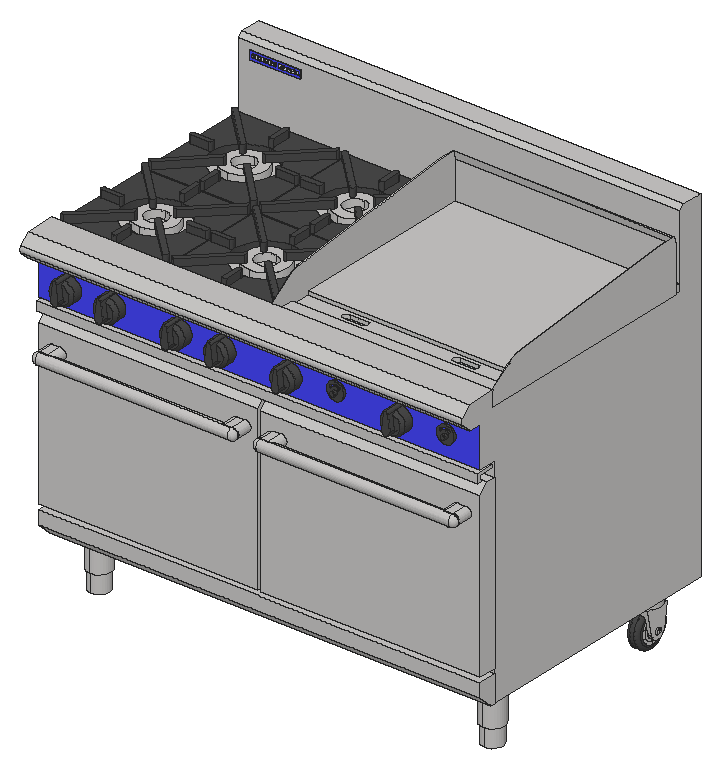
Revit family "QF_MOFFAT_BLUESEAL_AU_G528B", category Specialty Equipment, Revit 2012 (continued)
Definition of nested family "WALDORF LOGO_FACE BASE"
  Forms (mm)
    Extrusion 3, solid, material "QF_Finishes_White", visible <- "Show Logo"
      sketch origin (0, -33.217, 1.588) x (1, 0, 0) y (0, 1, 0)
        loop
          arc (91.063, 17.163) -> (92.045, 17.57) -> (92.452, 18.553) r 1.389
          line (92.452, 18.553) -> (92.452, 20.691)
          arc (92.452, 20.691) -> (92.045, 21.673) -> (91.063, 22.08) r 1.389
          line (91.063, 22.08) -> (83.266, 22.08) -> (83.266, 23.984) -> (86.346, 23.984) -> (86.346, 22.743) -> (92.452, 22.743) -> (92.452, 24.571)
          arc (92.452, 24.571) -> (92.057, 25.524) -> (91.104, 25.919) r 1.348
        loop
          line (70.705, 25.919) -> (59.405, 25.919) -> (59.405, 17.163) -> (70.705, 17.163) -> (70.705, 19.063) -> (65.169, 19.063) -> (65.169, 20.437) -> (70.705, 20.437) -> (70.705, 22.278) -> (65.169, 22.278) -> (65.169, 23.587) -> (70.705, 23.587) -> (70.705, 25.919)
        loop
          line (57.598, 25.919) -> (51.7, 25.919) -> (51.7, 20.18)
          arc (51.7, 20.18) -> (50.63, 19.11) -> (49.56, 20.18) r 1.07
          line (49.56, 20.18) -> (49.56, 25.919) -> (43.663, 25.919) -> (43.663, 19.049)
          arc (43.663, 19.049) -> (44.215, 17.716) -> (45.548, 17.163) r 1.885
          line (45.548, 17.163) -> (55.71, 17.163)
          arc (55.71, 17.163) -> (57.045, 17.716) -> (57.598, 19.051) r 1.887
          line (57.598, 19.051) -> (57.598, 25.919)
        loop
          line (31.62, 25.919) -> (31.62, 17.163) -> (43.046, 17.163) -> (43.046, 19.129) -> (37.388, 19.129) -> (37.388, 25.919) -> (31.62, 25.919)
        loop
          line (15.969, 25.919) -> (15.969, 17.163) -> (28.693, 17.163)
          arc (28.693, 17.163) -> (29.812, 17.627) -> (30.276, 18.746) r 1.582
          line (30.276, 18.746) -> (30.276, 20.447) -> (29.48, 21.243) -> (30.276, 22.039) -> (30.276, 24.332)
          arc (30.276, 24.332) -> (29.811, 25.454) -> (28.688, 25.919) r 1.587
          line (28.688, 25.919) -> (15.969, 25.919)
        loop
          line (21.449, 24.159) -> (21.449, 22.436) -> (23.862, 22.436)
          arc (23.862, 22.436) -> (24.723, 23.298) -> (23.862, 24.159) r 0.861
          line (23.862, 24.159) -> (21.449, 24.159)
        loop
          line (21.449, 20.244) -> (21.449, 18.522) -> (23.862, 18.522)
          arc (23.862, 18.522) -> (24.723, 19.383) -> (23.862, 20.244) r 0.861
          line (23.862, 20.244) -> (21.449, 20.244)
      from 0 to 0.2
    Extrusion 4, solid, material "QF_Finishes_Blue", visible <- "Show Logo"
      sketch origin (-126.498, -31.09, 1.588) x (1, 0, 0) y (0, 1, 0)
        loop
          line (136.738, 23.522) -> (136.738, 15.1)
          arc (136.738, 15.1) -> (140.756, 19.311) -> (136.738, 23.522) r 4.216
      from 0 to 0.2
    Extrusion 5, solid, material "QF_Finishes_Red", visible <- "Show Logo"
      sketch origin (146.849, -31.09, 1.588) x (-1, 0, 0) y (0, -1, 0)
        loop
          arc (136.738, -23.522) -> (140.756, -19.311) -> (136.738, -15.1) r 4.216
          line (136.738, -15.1) -> (136.738, -23.522)
      from 0 to 0.2
  Lines and regions (mm)
    Split face 1
      outline origin (-90.35, -30.793, 1.588) x (1, 0, 0) y (0, 1, 0)
        loop
          circle (100.54, 19.013) r 4.536
  Dimensions and locks
    aligned and locked: plane 2 to Extrusion 1
    aligned and locked: level to Extrusion 1
Definition of nested family "GAS BURNER 600 & GRIDDLE 600"
  Parameters (values of type "GAS BURNER 600 & GRIDDLE 600")
    Width [instance] = 1200 mm
    Weight in Pounds = 0
    URL Cutsheet = ""
    Type Mark [instance] = ""
    Status [instance] = ""
    Specification by User [instance] = ""
    Specification by Manufacturer = ""
    Serial Number = ""
    Seismic Rating = ""
    SMACNA No = ""
    Revision Code [instance] = ""
    Omniclass Number and Title = ""
    NAFEM Spec ID Number = ""
    Masterspec = ""
    Item Number [instance] = ""
    Installed By [instance] = ""
    Identify Quantity as Lot [instance] = yes
    Furnished By [instance] = ""
    Foodservice Equipment Identifier [instance] = yes
    Depth [instance] = 635 mm
    CSI MasterFormat = ""
    CSI Master Format = ""
  Reference planes
    plane 1 "BACK": y = 0
    plane 2: z = 0
    plane 3 "LEFT": x = 0
    plane 4 "RIGHT": x = 1200
    plane 5 "FRONT": y = -635
    plane 6 "TOP": z = 142.5
    plane 7 "Center Y": x = 600
    plane 8 "Center X": y = -317.5
  Dimensions and locks
    equal spacing: plane 3 "LEFT", plane 7 "Center Y", plane 4 "RIGHT"
    "Width": plane 3 "LEFT" to plane 4 "RIGHT"
    equal spacing: plane 5 "FRONT", plane 8 "Center X", plane 1 "BACK"
    "Depth": plane 5 "FRONT" to plane 1 "BACK"
    aligned and locked: level to plane 2
  Nested families
    nested 1: "GAS BURNER 600" at (0, 0, 0), type "GAS BURNER 600"
      with Width 600 mm, Type Mark "", Status "", Specification by User "", Revision Code "", Item Number "", Installed By "", Identify Quantity as Lot yes, Furnished By "", Foodservice Equipment Identifier yes, Depth 635 mm
    nested 2: "GAS GRIDDLE PLATE 600" at (600, -15, 0), type "GAS GRIDDLE PLATE 600"
      with Width 600 mm, Type Mark "", Status "", Specification by User "", Revision Code "", Item Number "", Installed By "", Identify Quantity as Lot yes, Furnished By "", Foodservice Equipment Identifier yes, Depth 620 mm
  Definition of nested family "GAS BURNER 600"
    Parameters (values of type "GAS BURNER 600")
      Width [instance] = 600 mm
      Weight in Pounds = 0
      URL Cutsheet = ""
      Type Mark [instance] = ""
      Status [instance] = ""
      Specification by User [instance] = ""
      Specification by Manufacturer = ""
      Serial Number = ""
      Seismic Rating = ""
      SMACNA No = ""
      Revision Code [instance] = ""
      Omniclass Number and Title = ""
      NAFEM Spec ID Number = ""
      Masterspec = ""
      Item Number [instance] = ""
      Installed By [instance] = ""
      Identify Quantity as Lot [instance] = yes
      Furnished By [instance] = ""
      Foodservice Equipment Identifier [instance] = yes
      Depth [instance] = 635 mm
      CSI MasterFormat = ""
      CSI Master Format = ""
    Reference planes
      plane 1 "BACK": y = 0
      plane 2: z = 0
      plane 3 "LEFT": x = 0
      plane 4 "RIGHT": x = 600
      plane 5 "FRONT": y = -635
      plane 6 "TOP": z = 142.5
      plane 7 "Center Y": x = 300
      plane 8 "Center X": y = -317.5
    Forms (mm)
      Extrusion 1, solid, material "QF_Finishes_Black"
        sketch origin (0, 0, 0) x (0, -1, 0) y (1, 0, 0)
          loop
            line (318.5, 4) -> (318.5, 296)
            arc (318.5, 296) -> (317.621, 298.121) -> (315.5, 299) r 3
            line (315.5, 299) -> (3, 299)
            arc (3, 299) -> (0.879, 298.121) -> (0, 296) r 3
            line (0, 296) -> (0, 4)
            arc (0, 4) -> (0.879, 1.879) -> (3, 1) r 3
            line (3, 1) -> (315.5, 1)
            arc (315.5, 1) -> (317.621, 1.879) -> (318.5, 4) r 3
          loop
            line (324.5, 1) -> (632, 1)
            arc (632, 1) -> (634.121, 1.879) -> (635, 4) r 3
            line (635, 4) -> (635, 296)
            arc (635, 296) -> (634.121, 298.121) -> (632, 299) r 3
            line (632, 299) -> (324.5, 299)
            arc (324.5, 299) -> (322.379, 298.121) -> (321.5, 296) r 3
            line (321.5, 296) -> (321.5, 4)
            arc (321.5, 4) -> (322.379, 1.879) -> (324.5, 1) r 3
          loop
            circle (168.5, 149.991) r 84.082
          loop
            circle (468.5, 149.991) r 84.082
        from 0 to 19.5
      Extrusion 2, solid, material "QF_Finishes_Black"
        sketch origin (0, 0, 19.5) x (0, -1, 0) y (1, 0, 0)
          loop
            spline (326.102, 15.153) -> (325.181, 13.924) -> (324.631, 12.47) -> (324.49, 10.89) -> (324.767, 9.292) -> (325.443, 7.786) -> (326.473, 6.473) -> (327.786, 5.443) -> (329.292, 4.767) -> (330.89, 4.49) -> (332.47, 4.631) -> (333.924, 5.181) -> (335.153, 6.102)
            line (335.153, 6.102) -> (443.076, 114.025)
            spline (443.076, 114.025) -> (443.837, 115.095) -> (444.238, 116.399) -> (444.251, 117.851) -> (443.875, 119.35) -> (443.137, 120.795) -> (442.086, 122.086) -> (440.795, 123.137) -> (439.35, 123.875) -> (437.851, 124.251) -> (436.399, 124.238) -> (435.095, 123.837) -> (434.025, 123.076)
            line (434.025, 123.076) -> (326.102, 15.153)
          loop
            spline (328.898, 156.4) -> (327.604, 156.182) -> (326.398, 155.543) -> (325.362, 154.525) -> (324.568, 153.2) -> (324.068, 151.656) -> (323.898, 150) -> (324.068, 148.344) -> (324.568, 146.8) -> (325.362, 145.475) -> (326.398, 144.457) -> (327.604, 143.818) -> (328.898, 143.6)
            line (328.898, 143.6) -> (378.102, 143.6)
            spline (378.102, 143.6) -> (379.396, 143.818) -> (380.602, 144.457) -> (381.638, 145.475) -> (382.432, 146.8) -> (382.932, 148.344) -> (383.102, 150) -> (382.932, 151.656) -> (382.432, 153.2) -> (381.638, 154.525) -> (380.602, 155.543) -> (379.396, 156.182) -> (378.102, 156.4)
            line (378.102, 156.4) -> (328.898, 156.4)
          loop
            spline (335.153, 293.898) -> (334.084, 294.659) -> (332.779, 295.059) -> (331.328, 295.072) -> (329.829, 294.697) -> (328.384, 293.959) -> (327.092, 292.908) -> (326.041, 291.616) -> (325.303, 290.171) -> (324.928, 288.672) -> (324.941, 287.221) -> (325.341, 285.916) -> (326.102, 284.847)
            line (326.102, 284.847) -> (434.025, 176.924)
            spline (434.025, 176.924) -> (435.095, 176.163) -> (436.399, 175.762) -> (437.851, 175.749) -> (439.35, 176.125) -> (440.795, 176.863) -> (442.086, 177.914) -> (443.137, 179.205) -> (443.875, 180.65) -> (444.251, 182.149) -> (444.238, 183.601) -> (443.837, 184.905) -> (443.076, 185.975)
            line (443.076, 185.975) -> (335.153, 293.898)
          loop
            line (463.6, 291.102) -> (463.6, 241.898)
            spline (463.6, 241.898) -> (463.818, 240.604) -> (464.457, 239.398) -> (465.475, 238.362) -> (466.8, 237.568) -> (468.344, 237.068) -> (470, 236.898) -> (471.656, 237.068) -> (473.2, 237.568) -> (474.525, 238.362) -> (475.543, 239.398) -> (476.182, 240.604) -> (476.4, 241.898)
            line (476.4, 241.898) -> (476.4, 291.102)
            spline (476.4, 291.102) -> (476.182, 292.396) -> (475.543, 293.602) -> (474.525, 294.638) -> (473.2, 295.432) -> (471.656, 295.932) -> (470, 296.102) -> (468.344, 295.932) -> (466.8, 295.432) -> (465.475, 294.638) -> (464.457, 293.602) -> (463.818, 292.396) -> (463.6, 291.102)
          loop
            spline (612.398, 284.847) -> (613.159, 285.916) -> (613.559, 287.221) -> (613.572, 288.672) -> (613.197, 290.171) -> (612.459, 291.616) -> (611.408, 292.908) -> (610.116, 293.959) -> (608.671, 294.697) -> (607.172, 295.072) -> (605.721, 295.059) -> (604.416, 294.659) -> (603.347, 293.898)
            line (603.347, 293.898) -> (496.924, 185.975)
            spline (496.924, 185.975) -> (496.163, 184.905) -> (495.762, 183.601) -> (495.749, 182.149) -> (496.125, 180.65) -> (496.863, 179.205) -> (497.914, 177.914) -> (499.205, 176.863) -> (500.65, 176.125) -> (502.149, 175.749) -> (503.601, 175.762) -> (504.905, 176.163) -> (505.975, 176.924)
            line (505.975, 176.924) -> (612.398, 284.847)
          loop
            spline (609.602, 143.6) -> (610.896, 143.818) -> (612.102, 144.457) -> (613.138, 145.475) -> (613.932, 146.8) -> (614.432, 148.344) -> (614.602, 150) -> (614.432, 151.656) -> (613.932, 153.2) -> (613.138, 154.525) -> (612.102, 155.543) -> (610.896, 156.182) -> (609.602, 156.4)
            line (609.602, 156.4) -> (561.898, 156.4)
            spline (561.898, 156.4) -> (560.604, 156.182) -> (559.398, 155.543) -> (558.362, 154.525) -> (557.568, 153.2) -> (557.068, 151.656) -> (556.898, 150) -> (557.068, 148.344) -> (557.568, 146.8) -> (558.362, 145.475) -> (559.398, 144.457) -> (560.604, 143.818) -> (561.898, 143.6)
            line (561.898, 143.6) -> (609.602, 143.6)
          loop
            line (612.398, 15.153) -> (505.975, 123.076)
            spline (505.975, 123.076) -> (504.905, 123.837) -> (503.601, 124.238) -> (502.149, 124.251) -> (500.65, 123.875) -> (499.205, 123.137) -> (497.914, 122.086) -> (496.863, 120.795) -> (496.125, 119.35) -> (495.749, 117.851) -> (495.762, 116.399) -> (496.163, 115.095) -> (496.924, 114.025)
            line (496.924, 114.025) -> (603.347, 6.102)
            spline (603.347, 6.102) -> (604.416, 5.341) -> (605.721, 4.941) -> (607.172, 4.928) -> (608.671, 5.303) -> (610.116, 6.041) -> (611.408, 7.092) -> (612.459, 8.384) -> (613.197, 9.829) -> (613.572, 11.328) -> (613.559, 12.779) -> (613.159, 14.084) -> (612.398, 15.153)
          loop
            line (476.4, 8.898) -> (476.4, 58.102)
            spline (476.4, 58.102) -> (476.182, 59.396) -> (475.543, 60.602) -> (474.525, 61.638) -> (473.2, 62.432) -> (471.656, 62.932) -> (470, 63.102) -> (468.344, 62.932) -> (466.8, 62.432) -> (465.475, 61.638) -> (464.457, 60.602) -> (463.818, 59.396) -> (463.6, 58.102)
            line (463.6, 58.102) -> (463.6, 8.898)
            spline (463.6, 8.898) -> (463.818, 7.604) -> (464.457, 6.398) -> (465.475, 5.362) -> (466.8, 4.568) -> (468.344, 4.068) -> (470, 3.898) -> (471.656, 4.068) -> (473.2, 4.568) -> (474.525, 5.362) -> (475.543, 6.398) -> (476.182, 7.604) -> (476.4, 8.898)
          loop
            spline (22.602, 15.153) -> (21.681, 13.924) -> (21.131, 12.47) -> (20.99, 10.89) -> (21.267, 9.292) -> (21.943, 7.786) -> (22.973, 6.473) -> (24.286, 5.443) -> (25.792, 4.767) -> (27.39, 4.49) -> (28.97, 4.631) -> (30.424, 5.181) -> (31.653, 6.102)
            line (31.653, 6.102) -> (139.576, 114.025)
            spline (139.576, 114.025) -> (140.337, 115.095) -> (140.738, 116.399) -> (140.751, 117.851) -> (140.375, 119.35) -> (139.637, 120.795) -> (138.586, 122.086) -> (137.295, 123.137) -> (135.85, 123.875) -> (134.351, 124.251) -> (132.899, 124.238) -> (131.595, 123.837) -> (130.525, 123.076)
            line (130.525, 123.076) -> (22.602, 15.153)
          loop
            spline (25.398, 156.4) -> (24.104, 156.182) -> (22.898, 155.543) -> (21.862, 154.525) -> (21.068, 153.2) -> (20.568, 151.656) -> (20.398, 150) -> (20.568, 148.344) -> (21.068, 146.8) -> (21.862, 145.475) -> (22.898, 144.457) -> (24.104, 143.818) -> (25.398, 143.6)
            line (25.398, 143.6) -> (74.602, 143.6)
            spline (74.602, 143.6) -> (75.896, 143.818) -> (77.102, 144.457) -> (78.138, 145.475) -> (78.932, 146.8) -> (79.432, 148.344) -> (79.602, 150) -> (79.432, 151.656) -> (78.932, 153.2) -> (78.138, 154.525) -> (77.102, 155.543) -> (75.896, 156.182) -> (74.602, 156.4)
            line (74.602, 156.4) -> (25.398, 156.4)
          loop
            spline (31.653, 293.898) -> (30.584, 294.659) -> (29.279, 295.059) -> (27.828, 295.072) -> (26.329, 294.697) -> (24.884, 293.959) -> (23.592, 292.908) -> (22.541, 291.616) -> (21.803, 290.171) -> (21.428, 288.672) -> (21.441, 287.221) -> (21.841, 285.916) -> (22.602, 284.847)
            line (22.602, 284.847) -> (130.525, 176.924)
            spline (130.525, 176.924) -> (131.595, 176.163) -> (132.899, 175.762) -> (134.351, 175.749) -> (135.85, 176.125) -> (137.295, 176.863) -> (138.586, 177.914) -> (139.637, 179.205) -> (140.375, 180.65) -> (140.751, 182.149) -> (140.738, 183.601) -> (140.337, 184.905) -> (139.576, 185.975)
            line (139.576, 185.975) -> (31.653, 293.898)
          loop
            line (160.1, 291.102) -> (160.1, 241.898)
            spline (160.1, 241.898) -> (160.318, 240.604) -> (160.957, 239.398) -> (161.975, 238.362) -> (163.3, 237.568) -> (164.844, 237.068) -> (166.5, 236.898) -> (168.156, 237.068) -> (169.7, 237.568) -> (171.025, 238.362) -> (172.043, 239.398) -> (172.682, 240.604) -> (172.9, 241.898)
            line (172.9, 241.898) -> (172.9, 291.102)
            spline (172.9, 291.102) -> (172.682, 292.396) -> (172.043, 293.602) -> (171.025, 294.638) -> (169.7, 295.432) -> (168.156, 295.932) -> (166.5, 296.102) -> (164.844, 295.932) -> (163.3, 295.432) -> (161.975, 294.638) -> (160.957, 293.602) -> (160.318, 292.396) -> (160.1, 291.102)
          loop
            spline (313.898, 284.847) -> (314.659, 285.916) -> (315.059, 287.221) -> (315.072, 288.672) -> (314.697, 290.171) -> (313.959, 291.616) -> (312.908, 292.908) -> (311.616, 293.959) -> (310.171, 294.697) -> (308.672, 295.072) -> (307.221, 295.059) -> (305.916, 294.659) -> (304.847, 293.898)
            line (304.847, 293.898) -> (193.424, 185.975)
            spline (193.424, 185.975) -> (192.663, 184.905) -> (192.262, 183.601) -> (192.249, 182.149) -> (192.625, 180.65) -> (193.363, 179.205) -> (194.414, 177.914) -> (195.705, 176.863) -> (197.15, 176.125) -> (198.649, 175.749) -> (200.101, 175.762) -> (201.405, 176.163) -> (202.475, 176.924)
            line (202.475, 176.924) -> (313.898, 284.847)
          loop
            spline (311.102, 143.6) -> (312.396, 143.818) -> (313.602, 144.457) -> (314.638, 145.475) -> (315.432, 146.8) -> (315.932, 148.344) -> (316.102, 150) -> (315.932, 151.656) -> (315.432, 153.2) -> (314.638, 154.525) -> (313.602, 155.543) -> (312.396, 156.182) -> (311.102, 156.4)
            line (311.102, 156.4) -> (261.898, 156.4)
            spline (261.898, 156.4) -> (260.604, 156.182) -> (259.398, 155.543) -> (258.362, 154.525) -> (257.568, 153.2) -> (257.068, 151.656) -> (256.898, 150) -> (257.068, 148.344) -> (257.568, 146.8) -> (258.362, 145.475) -> (259.398, 144.457) -> (260.604, 143.818) -> (261.898, 143.6)
            line (261.898, 143.6) -> (311.102, 143.6)
          loop
            line (313.898, 15.153) -> (202.475, 123.076)
            spline (202.475, 123.076) -> (201.405, 123.837) -> (200.101, 124.238) -> (198.649, 124.251) -> (197.15, 123.875) -> (195.705, 123.137) -> (194.414, 122.086) -> (193.363, 120.795) -> (192.625, 119.35) -> (192.249, 117.851) -> (192.262, 116.399) -> (192.663, 115.095) -> (193.424, 114.025)
            line (193.424, 114.025) -> (304.847, 6.102)
            spline (304.847, 6.102) -> (305.916, 5.341) -> (307.221, 4.941) -> (308.672, 4.928) -> (310.171, 5.303) -> (311.616, 6.041) -> (312.908, 7.092) -> (313.959, 8.384) -> (314.697, 9.829) -> (315.072, 11.328) -> (315.059, 12.779) -> (314.659, 14.084) -> (313.898, 15.153)
          loop
            line (172.9, 8.898) -> (172.9, 58.102)
            spline (172.9, 58.102) -> (172.682, 59.396) -> (172.043, 60.602) -> (171.025, 61.638) -> (169.7, 62.432) -> (168.156, 62.932) -> (166.5, 63.102) -> (164.844, 62.932) -> (163.3, 62.432) -> (161.975, 61.638) -> (160.957, 60.602) -> (160.318, 59.396) -> (160.1, 58.102)
            line (160.1, 58.102) -> (160.1, 8.898)
            spline (160.1, 8.898) -> (160.318, 7.604) -> (160.957, 6.398) -> (161.975, 5.362) -> (163.3, 4.568) -> (164.844, 4.068) -> (166.5, 3.898) -> (168.156, 4.068) -> (169.7, 4.568) -> (171.025, 5.362) -> (172.043, 6.398) -> (172.682, 7.604) -> (172.9, 8.898)
        from 0 to 20.5
      Extrusion 3, solid, material "QF_Finishes_Stainless Steel"
        sketch origin (0, -15.098, 0) x (0, -1, 0) y (1, 0, 0)
          loop
            circle (151.402, 150) r 57
          loop
            circle (451.402, 150) r 57
          loop
            circle (151.402, 150) r 30
          loop
            circle (451.402, 150) r 30
        from 0 to 20
      Extrusion 4, solid, material "QF_Finishes_Black"
        sketch origin (600, 0, 0) x (0, -1, 0) y (1, 0, 0)
          loop
            arc (318.5, -4) -> (317.621, -1.879) -> (315.5, -1) r 3
            line (315.5, -1) -> (3, -1)
            arc (3, -1) -> (0.879, -1.879) -> (0, -4) r 3
            line (0, -4) -> (0, -296)
            arc (0, -296) -> (0.879, -298.121) -> (3, -299) r 3
            line (3, -299) -> (315.5, -299)
            arc (315.5, -299) -> (317.621, -298.121) -> (318.5, -296) r 3
            line (318.5, -296) -> (318.5, -4)
          loop
            arc (324.5, -1) -> (322.379, -1.879) -> (321.5, -4) r 3
            line (321.5, -4) -> (321.5, -296)
            arc (321.5, -296) -> (322.379, -298.121) -> (324.5, -299) r 3
            line (324.5, -299) -> (632, -299)
            arc (632, -299) -> (634.121, -298.121) -> (635, -296) r 3
            line (635, -296) -> (635, -4)
            arc (635, -4) -> (634.121, -1.879) -> (632, -1) r 3
            line (632, -1) -> (324.5, -1)
          loop
            circle (168.5, -149.991) r 84.082
          loop
            circle (468.5, -149.991) r 84.082
        from 0 to 19.5
      Extrusion 5, solid, material "QF_Finishes_Black"
        sketch origin (600, 0, 19.5) x (0, -1, 0) y (1, 0, 0)
          loop
            line (326.102, -15.153) -> (434.025, -123.076)
            spline (434.025, -123.076) -> (435.095, -123.837) -> (436.399, -124.238) -> (437.851, -124.251) -> (439.35, -123.875) -> (440.795, -123.137) -> (442.086, -122.086) -> (443.137, -120.795) -> (443.875, -119.35) -> (444.251, -117.851) -> (444.238, -116.399) -> (443.837, -115.095) -> (443.076, -114.025)
            line (443.076, -114.025) -> (335.153, -6.102)
            spline (335.153, -6.102) -> (333.924, -5.181) -> (332.47, -4.631) -> (330.89, -4.49) -> (329.292, -4.767) -> (327.786, -5.443) -> (326.473, -6.473) -> (325.443, -7.786) -> (324.767, -9.292) -> (324.49, -10.89) -> (324.631, -12.47) -> (325.181, -13.924) -> (326.102, -15.153)
          loop
            line (328.898, -156.4) -> (378.102, -156.4)
            spline (378.102, -156.4) -> (379.396, -156.182) -> (380.602, -155.543) -> (381.638, -154.525) -> (382.432, -153.2) -> (382.932, -151.656) -> (383.102, -150) -> (382.932, -148.344) -> (382.432, -146.8) -> (381.638, -145.475) -> (380.602, -144.457) -> (379.396, -143.818) -> (378.102, -143.6)
            line (378.102, -143.6) -> (328.898, -143.6)
            spline (328.898, -143.6) -> (327.604, -143.818) -> (326.398, -144.457) -> (325.362, -145.475) -> (324.568, -146.8) -> (324.068, -148.344) -> (323.898, -150) -> (324.068, -151.656) -> (324.568, -153.2) -> (325.362, -154.525) -> (326.398, -155.543) -> (327.604, -156.182) -> (328.898, -156.4)
          loop
            line (335.153, -293.898) -> (443.076, -185.975)
            spline (443.076, -185.975) -> (443.837, -184.905) -> (444.238, -183.601) -> (444.251, -182.149) -> (443.875, -180.65) -> (443.137, -179.205) -> (442.086, -177.914) -> (440.795, -176.863) -> (439.35, -176.125) -> (437.851, -175.749) -> (436.399, -175.762) -> (435.095, -176.163) -> (434.025, -176.924)
            line (434.025, -176.924) -> (326.102, -284.847)
            spline (326.102, -284.847) -> (325.341, -285.916) -> (324.941, -287.221) -> (324.928, -288.672) -> (325.303, -290.171) -> (326.041, -291.616) -> (327.092, -292.908) -> (328.384, -293.959) -> (329.829, -294.697) -> (331.328, -295.072) -> (332.779, -295.059) -> (334.084, -294.659) -> (335.153, -293.898)
          loop
            spline (463.6, -291.102) -> (463.818, -292.396) -> (464.457, -293.602) -> (465.475, -294.638) -> (466.8, -295.432) -> (468.344, -295.932) -> (470, -296.102) -> (471.656, -295.932) -> (473.2, -295.432) -> (474.525, -294.638) -> (475.543, -293.602) -> (476.182, -292.396) -> (476.4, -291.102)
            line (476.4, -291.102) -> (476.4, -241.898)
            spline (476.4, -241.898) -> (476.182, -240.604) -> (475.543, -239.398) -> (474.525, -238.362) -> (473.2, -237.568) -> (471.656, -237.068) -> (470, -236.898) -> (468.344, -237.068) -> (466.8, -237.568) -> (465.475, -238.362) -> (464.457, -239.398) -> (463.818, -240.604) -> (463.6, -241.898)
            line (463.6, -241.898) -> (463.6, -291.102)
          loop
            line (612.398, -284.847) -> (505.975, -176.924)
            spline (505.975, -176.924) -> (504.905, -176.163) -> (503.601, -175.762) -> (502.149, -175.749) -> (500.65, -176.125) -> (499.205, -176.863) -> (497.914, -177.914) -> (496.863, -179.205) -> (496.125, -180.65) -> (495.749, -182.149) -> (495.762, -183.601) -> (496.163, -184.905) -> (496.924, -185.975)
            line (496.924, -185.975) -> (603.347, -293.898)
            spline (603.347, -293.898) -> (604.416, -294.659) -> (605.721, -295.059) -> (607.172, -295.072) -> (608.671, -294.697) -> (610.116, -293.959) -> (611.408, -292.908) -> (612.459, -291.616) -> (613.197, -290.171) -> (613.572, -288.672) -> (613.559, -287.221) -> (613.159, -285.916) -> (612.398, -284.847)
          loop
            line (609.602, -143.6) -> (561.898, -143.6)
            spline (561.898, -143.6) -> (560.604, -143.818) -> (559.398, -144.457) -> (558.362, -145.475) -> (557.568, -146.8) -> (557.068, -148.344) -> (556.898, -150) -> (557.068, -151.656) -> (557.568, -153.2) -> (558.362, -154.525) -> (559.398, -155.543) -> (560.604, -156.182) -> (561.898, -156.4)
            line (561.898, -156.4) -> (609.602, -156.4)
            spline (609.602, -156.4) -> (610.896, -156.182) -> (612.102, -155.543) -> (613.138, -154.525) -> (613.932, -153.2) -> (614.432, -151.656) -> (614.602, -150) -> (614.432, -148.344) -> (613.932, -146.8) -> (613.138, -145.475) -> (612.102, -144.457) -> (610.896, -143.818) -> (609.602, -143.6)
          loop
            spline (612.398, -15.153) -> (613.159, -14.084) -> (613.559, -12.779) -> (613.572, -11.328) -> (613.197, -9.829) -> (612.459, -8.384) -> (611.408, -7.092) -> (610.116, -6.041) -> (608.671, -5.303) -> (607.172, -4.928) -> (605.721, -4.941) -> (604.416, -5.341) -> (603.347, -6.102)
            line (603.347, -6.102) -> (496.924, -114.025)
            spline (496.924, -114.025) -> (496.163, -115.095) -> (495.762, -116.399) -> (495.749, -117.851) -> (496.125, -119.35) -> (496.863, -120.795) -> (497.914, -122.086) -> (499.205, -123.137) -> (500.65, -123.875) -> (502.149, -124.251) -> (503.601, -124.238) -> (504.905, -123.837) -> (505.975, -123.076)
            line (505.975, -123.076) -> (612.398, -15.153)
          loop
            spline (476.4, -8.898) -> (476.182, -7.604) -> (475.543, -6.398) -> (474.525, -5.362) -> (473.2, -4.568) -> (471.656, -4.068) -> (470, -3.898) -> (468.344, -4.068) -> (466.8, -4.568) -> (465.475, -5.362) -> (464.457, -6.398) -> (463.818, -7.604) -> (463.6, -8.898)
            line (463.6, -8.898) -> (463.6, -58.102)
            spline (463.6, -58.102) -> (463.818, -59.396) -> (464.457, -60.602) -> (465.475, -61.638) -> (466.8, -62.432) -> (468.344, -62.932) -> (470, -63.102) -> (471.656, -62.932) -> (473.2, -62.432) -> (474.525, -61.638) -> (475.543, -60.602) -> (476.182, -59.396) -> (476.4, -58.102)
            line (476.4, -58.102) -> (476.4, -8.898)
          loop
            line (22.602, -15.153) -> (130.525, -123.076)
            spline (130.525, -123.076) -> (131.595, -123.837) -> (132.899, -124.238) -> (134.351, -124.251) -> (135.85, -123.875) -> (137.295, -123.137) -> (138.586, -122.086) -> (139.637, -120.795) -> (140.375, -119.35) -> (140.751, -117.851) -> (140.738, -116.399) -> (140.337, -115.095) -> (139.576, -114.025)
            line (139.576, -114.025) -> (31.653, -6.102)
            spline (31.653, -6.102) -> (30.424, -5.181) -> (28.97, -4.631) -> (27.39, -4.49) -> (25.792, -4.767) -> (24.286, -5.443) -> (22.973, -6.473) -> (21.943, -7.786) -> (21.267, -9.292) -> (20.99, -10.89) -> (21.131, -12.47) -> (21.681, -13.924) -> (22.602, -15.153)
          loop
            line (25.398, -156.4) -> (74.602, -156.4)
            spline (74.602, -156.4) -> (75.896, -156.182) -> (77.102, -155.543) -> (78.138, -154.525) -> (78.932, -153.2) -> (79.432, -151.656) -> (79.602, -150) -> (79.432, -148.344) -> (78.932, -146.8) -> (78.138, -145.475) -> (77.102, -144.457) -> (75.896, -143.818) -> (74.602, -143.6)
            line (74.602, -143.6) -> (25.398, -143.6)
            spline (25.398, -143.6) -> (24.104, -143.818) -> (22.898, -144.457) -> (21.862, -145.475) -> (21.068, -146.8) -> (20.568, -148.344) -> (20.398, -150) -> (20.568, -151.656) -> (21.068, -153.2) -> (21.862, -154.525) -> (22.898, -155.543) -> (24.104, -156.182) -> (25.398, -156.4)
          loop
            line (31.653, -293.898) -> (139.576, -185.975)
            spline (139.576, -185.975) -> (140.337, -184.905) -> (140.738, -183.601) -> (140.751, -182.149) -> (140.375, -180.65) -> (139.637, -179.205) -> (138.586, -177.914) -> (137.295, -176.863) -> (135.85, -176.125) -> (134.351, -175.749) -> (132.899, -175.762) -> (131.595, -176.163) -> (130.525, -176.924)
            line (130.525, -176.924) -> (22.602, -284.847)
            spline (22.602, -284.847) -> (21.841, -285.916) -> (21.441, -287.221) -> (21.428, -288.672) -> (21.803, -290.171) -> (22.541, -291.616) -> (23.592, -292.908) -> (24.884, -293.959) -> (26.329, -294.697) -> (27.828, -295.072) -> (29.279, -295.059) -> (30.584, -294.659) -> (31.653, -293.898)
          loop
            spline (160.1, -291.102) -> (160.318, -292.396) -> (160.957, -293.602) -> (161.975, -294.638) -> (163.3, -295.432) -> (164.844, -295.932) -> (166.5, -296.102) -> (168.156, -295.932) -> (169.7, -295.432) -> (171.025, -294.638) -> (172.043, -293.602) -> (172.682, -292.396) -> (172.9, -291.102)
            line (172.9, -291.102) -> (172.9, -241.898)
            spline (172.9, -241.898) -> (172.682, -240.604) -> (172.043, -239.398) -> (171.025, -238.362) -> (169.7, -237.568) -> (168.156, -237.068) -> (166.5, -236.898) -> (164.844, -237.068) -> (163.3, -237.568) -> (161.975, -238.362) -> (160.957, -239.398) -> (160.318, -240.604) -> (160.1, -241.898)
            line (160.1, -241.898) -> (160.1, -291.102)
          loop
            line (313.898, -284.847) -> (202.475, -176.924)
            spline (202.475, -176.924) -> (201.405, -176.163) -> (200.101, -175.762) -> (198.649, -175.749) -> (197.15, -176.125) -> (195.705, -176.863) -> (194.414, -177.914) -> (193.363, -179.205) -> (192.625, -180.65) -> (192.249, -182.149) -> (192.262, -183.601) -> (192.663, -184.905) -> (193.424, -185.975)
            line (193.424, -185.975) -> (304.847, -293.898)
            spline (304.847, -293.898) -> (305.916, -294.659) -> (307.221, -295.059) -> (308.672, -295.072) -> (310.171, -294.697) -> (311.616, -293.959) -> (312.908, -292.908) -> (313.959, -291.616) -> (314.697, -290.171) -> (315.072, -288.672) -> (315.059, -287.221) -> (314.659, -285.916) -> (313.898, -284.847)
          loop
            line (311.102, -143.6) -> (261.898, -143.6)
            spline (261.898, -143.6) -> (260.604, -143.818) -> (259.398, -144.457) -> (258.362, -145.475) -> (257.568, -146.8) -> (257.068, -148.344) -> (256.898, -150) -> (257.068, -151.656) -> (257.568, -153.2) -> (258.362, -154.525) -> (259.398, -155.543) -> (260.604, -156.182) -> (261.898, -156.4)
            line (261.898, -156.4) -> (311.102, -156.4)
            spline (311.102, -156.4) -> (312.396, -156.182) -> (313.602, -155.543) -> (314.638, -154.525) -> (315.432, -153.2) -> (315.932, -151.656) -> (316.102, -150) -> (315.932, -148.344) -> (315.432, -146.8) -> (314.638, -145.475) -> (313.602, -144.457) -> (312.396, -143.818) -> (311.102, -143.6)
          loop
            spline (313.898, -15.153) -> (314.659, -14.084) -> (315.059, -12.779) -> (315.072, -11.328) -> (314.697, -9.829) -> (313.959, -8.384) -> (312.908, -7.092) -> (311.616, -6.041) -> (310.171, -5.303) -> (308.672, -4.928) -> (307.221, -4.941) -> (305.916, -5.341) -> (304.847, -6.102)
            line (304.847, -6.102) -> (193.424, -114.025)
            spline (193.424, -114.025) -> (192.663, -115.095) -> (192.262, -116.399) -> (192.249, -117.851) -> (192.625, -119.35) -> (193.363, -120.795) -> (194.414, -122.086) -> (195.705, -123.137) -> (197.15, -123.875) -> (198.649, -124.251) -> (200.101, -124.238) -> (201.405, -123.837) -> (202.475, -123.076)
            line (202.475, -123.076) -> (313.898, -15.153)
          loop
            spline (172.9, -8.898) -> (172.682, -7.604) -> (172.043, -6.398) -> (171.025, -5.362) -> (169.7, -4.568) -> (168.156, -4.068) -> (166.5, -3.898) -> (164.844, -4.068) -> (163.3, -4.568) -> (161.975, -5.362) -> (160.957, -6.398) -> (160.318, -7.604) -> (160.1, -8.898)
            line (160.1, -8.898) -> (160.1, -58.102)
            spline (160.1, -58.102) -> (160.318, -59.396) -> (160.957, -60.602) -> (161.975, -61.638) -> (163.3, -62.432) -> (164.844, -62.932) -> (166.5, -63.102) -> (168.156, -62.932) -> (169.7, -62.432) -> (171.025, -61.638) -> (172.043, -60.602) -> (172.682, -59.396) -> (172.9, -58.102)
            line (172.9, -58.102) -> (172.9, -8.898)
        from 0 to 20.5
      Extrusion 6, solid, material "QF_Finishes_Stainless Steel"
        sketch origin (600, -15.098, 0) x (0, -1, 0) y (1, 0, 0)
          loop
            circle (151.402, -150) r 57
          loop
            circle (451.402, -150) r 57
          loop
            circle (151.402, -150) r 30
          loop
            circle (451.402, -150) r 30
        from 0 to 20
    Lines and regions (mm)
      symbolic lines
        curve 1: line (284.847, -22.602, 0) -> (176.924, -130.525, 0)
        curve 2: spline (176.924, -130.525, 0) -> (176.163, -131.595, 0) -> (175.762, -132.899, 0) -> (175.749, -134.351, 0) -> (176.125, -135.85, 0) -> (176.863, -137.295, 0) -> (177.914, -138.586, 0) -> (179.205, -139.637, 0) -> (180.65, -140.375, 0) -> (182.149, -140.751, 0) -> (183.601, -140.738, 0) -> (184.905, -140.337, 0) -> (185.975, -139.576, 0)
        curve 3: line (185.975, -139.576, 0) -> (293.898, -31.653, 0)
        curve 4: spline (293.898, -31.653, 0) -> (294.659, -30.584, 0) -> (295.059, -29.279, 0) -> (295.072, -27.828, 0) -> (294.697, -26.329, 0) -> (293.959, -24.884, 0) -> (292.908, -23.592, 0) -> (291.616, -22.541, 0) -> (290.171, -21.803, 0) -> (288.672, -21.428, 0) -> (287.221, -21.441, 0) -> (285.916, -21.841, 0) -> (284.847, -22.602, 0)
        curve 5: line (291.102, -160.1, 0) -> (241.898, -160.1, 0)
        curve 6: spline (241.898, -160.1, 0) -> (240.604, -160.318, 0) -> (239.398, -160.957, 0) -> (238.362, -161.975, 0) -> (237.568, -163.3, 0) -> (237.068, -164.844, 0) -> (236.898, -166.5, 0) -> (237.068, -168.156, 0) -> (237.568, -169.7, 0) -> (238.362, -171.025, 0) -> (239.398, -172.043, 0) -> (240.604, -172.682, 0) -> (241.898, -172.9, 0)
        curve 7: line (241.898, -172.9, 0) -> (291.102, -172.9, 0)
        curve 8: spline (291.102, -172.9, 0) -> (292.396, -172.682, 0) -> (293.602, -172.043, 0) -> (294.638, -171.025, 0) -> (295.432, -169.7, 0) -> (295.932, -168.156, 0) -> (296.102, -166.5, 0) -> (295.932, -164.844, 0) -> (295.432, -163.3, 0) -> (294.638, -161.975, 0) -> (293.602, -160.957, 0) -> (292.396, -160.318, 0) -> (291.102, -160.1, 0)
        curve 9: line (306.102, -31.653, 0) -> (414.025, -139.576, 0)
        curve 10: spline (414.025, -139.576, 0) -> (415.095, -140.337, 0) -> (416.399, -140.738, 0) -> (417.851, -140.751, 0) -> (419.35, -140.375, 0) -> (420.795, -139.637, 0) -> (422.086, -138.586, 0) -> (423.137, -137.295, 0) -> (423.875, -135.85, 0) -> (424.251, -134.351, 0) -> (424.238, -132.899, 0) -> (423.837, -131.595, 0) -> (423.076, -130.525, 0)
        curve 11: line (423.076, -130.525, 0) -> (315.153, -22.602, 0)
        curve 12: spline (315.153, -22.602, 0) -> (314.084, -21.841, 0) -> (312.779, -21.441, 0) -> (311.328, -21.428, 0) -> (309.829, -21.803, 0) -> (308.384, -22.541, 0) -> (307.092, -23.592, 0) -> (306.041, -24.884, 0) -> (305.303, -26.329, 0) -> (304.928, -27.828, 0) -> (304.941, -29.279, 0) -> (305.341, -30.584, 0) -> (306.102, -31.653, 0)
        curve 13: line (443.6, -25.398, 0) -> (443.6, -74.602, 0)
        curve 14: spline (443.6, -74.602, 0) -> (443.818, -75.896, 0) -> (444.457, -77.102, 0) -> (445.475, -78.138, 0) -> (446.8, -78.932, 0) -> (448.344, -79.432, 0) -> (450, -79.602, 0) -> (451.656, -79.432, 0) -> (453.2, -78.932, 0) -> (454.525, -78.138, 0) -> (455.543, -77.102, 0) -> (456.182, -75.896, 0) -> (456.4, -74.602, 0)
        curve 15: line (456.4, -74.602, 0) -> (456.4, -25.398, 0)
        curve 16: spline (456.4, -25.398, 0) -> (456.182, -24.104, 0) -> (455.543, -22.898, 0) -> (454.525, -21.862, 0) -> (453.2, -21.068, 0) -> (451.656, -20.568, 0) -> (450, -20.398, 0) -> (448.344, -20.568, 0) -> (446.8, -21.068, 0) -> (445.475, -21.862, 0) -> (444.457, -22.898, 0) -> (443.818, -24.104, 0) -> (443.6, -25.398, 0)
        curve 17: line (584.847, -22.602, 0) -> (476.924, -130.525, 0)
        curve 18: spline (476.924, -130.525, 0) -> (476.163, -131.595, 0) -> (475.762, -132.899, 0) -> (475.749, -134.351, 0) -> (476.125, -135.85, 0) -> (476.863, -137.295, 0) -> (477.914, -138.586, 0) -> (479.205, -139.637, 0) -> (480.65, -140.375, 0) -> (482.149, -140.751, 0) -> (483.601, -140.738, 0) -> (484.905, -140.337, 0) -> (485.975, -139.576, 0)
        curve 19: line (485.975, -139.576, 0) -> (593.898, -31.653, 0)
        curve 20: spline (593.898, -31.653, 0) -> (594.819, -30.424, 0) -> (595.369, -28.97, 0) -> (595.51, -27.39, 0) -> (595.233, -25.792, 0) -> (594.557, -24.286, 0) -> (593.527, -22.973, 0) -> (592.214, -21.943, 0) -> (590.708, -21.267, 0) -> (589.11, -20.99, 0) -> (587.53, -21.131, 0) -> (586.076, -21.681, 0) -> (584.847, -22.602, 0)
        curve 21: line (591.102, -160.1, 0) -> (541.898, -160.1, 0)
        curve 22: spline (541.898, -160.1, 0) -> (540.604, -160.318, 0) -> (539.398, -160.957, 0) -> (538.362, -161.975, 0) -> (537.568, -163.3, 0) -> (537.068, -164.844, 0) -> (536.898, -166.5, 0) -> (537.068, -168.156, 0) -> (537.568, -169.7, 0) -> (538.362, -171.025, 0) -> (539.398, -172.043, 0) -> (540.604, -172.682, 0) -> (541.898, -172.9, 0)
        curve 23: line (541.898, -172.9, 0) -> (591.102, -172.9, 0)
        curve 24: spline (591.102, -172.9, 0) -> (592.396, -172.682, 0) -> (593.602, -172.043, 0) -> (594.638, -171.025, 0) -> (595.432, -169.7, 0) -> (595.932, -168.156, 0) -> (596.102, -166.5, 0) -> (595.932, -164.844, 0) -> (595.432, -163.3, 0) -> (594.638, -161.975, 0) -> (593.602, -160.957, 0) -> (592.396, -160.318, 0) -> (591.102, -160.1, 0)
        curve 25: line (593.898, -304.847, 0) -> (485.975, -193.424, 0)
        curve 26: spline (485.975, -193.424, 0) -> (484.905, -192.663, 0) -> (483.601, -192.262, 0) -> (482.149, -192.249, 0) -> (480.65, -192.625, 0) -> (479.205, -193.363, 0) -> (477.914, -194.414, 0) -> (476.863, -195.705, 0) -> (476.125, -197.15, 0) -> (475.749, -198.649, 0) -> (475.762, -200.101, 0) -> (476.163, -201.405, 0) -> (476.924, -202.475, 0)
        curve 27: line (476.924, -202.475, 0) -> (584.847, -313.898, 0)
        curve 28: spline (584.847, -313.898, 0) -> (585.916, -314.659, 0) -> (587.221, -315.059, 0) -> (588.672, -315.072, 0) -> (590.171, -314.697, 0) -> (591.616, -313.959, 0) -> (592.908, -312.908, 0) -> (593.959, -311.616, 0) -> (594.697, -310.171, 0) -> (595.072, -308.672, 0) -> (595.059, -307.221, 0) -> (594.659, -305.916, 0) -> (593.898, -304.847, 0)
        curve 29: arc (450, -223.5, 0) -> (468.725, -220.336, 0) -> (485.372, -211.197, 0) r 57
        curve 30: arc (450, -109.5, 0) -> (431.183, -112.696, 0) -> (414.475, -121.924, 0) r 57
        curve 31: arc (450.009, -84.418, 0) -> (478.534, -89.404, 0) -> (503.676, -103.773, 0) r 84.082
        curve 32: arc (450.009, -252.582, 0) -> (420.453, -247.216, 0) -> (394.669, -231.803, 0) r 84.082
        curve 33: arc (450, -136.5, 0) -> (480, -166.5, 0) -> (450, -196.5, 0) r 30
        curve 34: arc (450, -196.5, 0) -> (420, -166.5, 0) -> (450, -136.5, 0) r 30
        curve 35: arc (150, -223.5, 0) -> (168.725, -220.336, 0) -> (185.372, -211.197, 0) r 57
        curve 36: arc (150, -109.5, 0) -> (131.183, -112.696, 0) -> (114.475, -121.924, 0) r 57
        curve 37: arc (149.991, -84.418, 0) -> (178.523, -89.406, 0) -> (203.668, -103.781, 0) r 84.082
        curve 38: arc (149.991, -252.582, 0) -> (120.441, -247.219, 0) -> (94.661, -231.812, 0) r 84.082
        curve 39: line (156.4, -74.602, 0) -> (156.4, -25.398, 0)
        curve 40: spline (156.4, -25.398, 0) -> (156.182, -24.104, 0) -> (155.543, -22.898, 0) -> (154.525, -21.862, 0) -> (153.2, -21.068, 0) -> (151.656, -20.568, 0) -> (150, -20.398, 0) -> (148.344, -20.568, 0) -> (146.8, -21.068, 0) -> (145.475, -21.862, 0) -> (144.457, -22.898, 0) -> (143.818, -24.104, 0) -> (143.6, -25.398, 0)
        curve 41: line (143.6, -25.398, 0) -> (143.6, -74.602, 0)
        curve 42: spline (143.6, -74.602, 0) -> (143.818, -75.896, 0) -> (144.457, -77.102, 0) -> (145.475, -78.138, 0) -> (146.8, -78.932, 0) -> (148.344, -79.432, 0) -> (150, -79.602, 0) -> (151.656, -79.432, 0) -> (153.2, -78.932, 0) -> (154.525, -78.138, 0) -> (155.543, -77.102, 0) -> (156.182, -75.896, 0) -> (156.4, -74.602, 0)
        curve 43: line (358.102, -160.1, 0) -> (308.898, -160.1, 0)
        curve 44: spline (308.898, -160.1, 0) -> (307.604, -160.318, 0) -> (306.398, -160.957, 0) -> (305.362, -161.975, 0) -> (304.568, -163.3, 0) -> (304.068, -164.844, 0) -> (303.898, -166.5, 0) -> (304.068, -168.156, 0) -> (304.568, -169.7, 0) -> (305.362, -171.025, 0) -> (306.398, -172.043, 0) -> (307.604, -172.682, 0) -> (308.898, -172.9, 0)
        curve 45: line (308.898, -172.9, 0) -> (358.102, -172.9, 0)
        curve 46: spline (358.102, -172.9, 0) -> (359.396, -172.682, 0) -> (360.602, -172.043, 0) -> (361.638, -171.025, 0) -> (362.432, -169.7, 0) -> (362.932, -168.156, 0) -> (363.102, -166.5, 0) -> (362.932, -164.844, 0) -> (362.432, -163.3, 0) -> (361.638, -161.975, 0) -> (360.602, -160.957, 0) -> (359.396, -160.318, 0) -> (358.102, -160.1, 0)
        curve 47: line (414.025, -193.424, 0) -> (306.102, -304.847, 0)
        curve 48: spline (306.102, -304.847, 0) -> (305.341, -305.916, 0) -> (304.941, -307.221, 0) -> (304.928, -308.672, 0) -> (305.303, -310.171, 0) -> (306.041, -311.616, 0) -> (307.092, -312.908, 0) -> (308.384, -313.959, 0) -> (309.829, -314.697, 0) -> (311.328, -315.072, 0) -> (312.779, -315.059, 0) -> (314.084, -314.659, 0) -> (315.153, -313.898, 0)
        curve 49: line (315.153, -313.898, 0) -> (423.076, -202.475, 0)
        curve 50: spline (423.076, -202.475, 0) -> (423.837, -201.405, 0) -> (424.238, -200.101, 0) -> (424.251, -198.649, 0) -> (423.875, -197.15, 0) -> (423.137, -195.705, 0) -> (422.086, -194.414, 0) -> (420.795, -193.363, 0) -> (419.35, -192.625, 0) -> (417.851, -192.249, 0) -> (416.399, -192.262, 0) -> (415.095, -192.663, 0) -> (414.025, -193.424, 0)
        curve 51: line (456.4, -311.102, 0) -> (456.4, -261.898, 0)
        curve 52: spline (456.4, -261.898, 0) -> (456.182, -260.604, 0) -> (455.543, -259.398, 0) -> (454.525, -258.362, 0) -> (453.2, -257.568, 0) -> (451.656, -257.068, 0) -> (450, -256.898, 0) -> (448.344, -257.068, 0) -> (446.8, -257.568, 0) -> (445.475, -258.362, 0) -> (444.457, -259.398, 0) -> (443.818, -260.604, 0) -> (443.6, -261.898, 0)
        curve 53: line (443.6, -261.898, 0) -> (443.6, -311.102, 0)
        curve 54: spline (443.6, -311.102, 0) -> (443.818, -312.396, 0) -> (444.457, -313.602, 0) -> (445.475, -314.638, 0) -> (446.8, -315.432, 0) -> (448.344, -315.932, 0) -> (450, -316.102, 0) -> (451.656, -315.932, 0) -> (453.2, -315.432, 0) -> (454.525, -314.638, 0) -> (455.543, -313.602, 0) -> (456.182, -312.396, 0) -> (456.4, -311.102, 0)
        curve 55: line (596, 0, 0) -> (304, 0, 0)
        curve 56: arc (304, 0, 0) -> (301.879, -0.879, 0) -> (301, -3, 0) r 3
        curve 57: line (301, -3, 0) -> (301, -315.5, 0)
        curve 58: arc (301, -315.5, 0) -> (301.879, -317.621, 0) -> (304, -318.5, 0) r 3
        curve 59: line (304, -318.5, 0) -> (596, -318.5, 0)
        curve 60: arc (596, -318.5, 0) -> (598.121, -317.621, 0) -> (599, -315.5, 0) r 3
        curve 61: line (599, -315.5, 0) -> (599, -3, 0)
        curve 62: arc (599, -3, 0) -> (598.121, -0.879, 0) -> (596, 0, 0) r 3
        curve 63: line (296, 0, 0) -> (4, 0, 0)
        curve 64: arc (4, 0, 0) -> (1.879, -0.879, 0) -> (1, -3, 0) r 3
        curve 65: line (1, -3, 0) -> (1, -315.5, 0)
        curve 66: arc (1, -315.5, 0) -> (1.879, -317.621, 0) -> (4, -318.5, 0) r 3
        curve 67: line (4, -318.5, 0) -> (296, -318.5, 0)
        curve 68: arc (296, -318.5, 0) -> (298.121, -317.621, 0) -> (299, -315.5, 0) r 3
        curve 69: line (299, -315.5, 0) -> (299, -3, 0)
        curve 70: arc (299, -3, 0) -> (298.121, -0.879, 0) -> (296, 0, 0) r 3
        curve 71: line (296, -321.5, 0) -> (4, -321.5, 0)
        curve 72: arc (4, -321.5, 0) -> (1.879, -322.379, 0) -> (1, -324.5, 0) r 3
        curve 73: line (1, -324.5, 0) -> (1, -632, 0)
        curve 74: arc (1, -632, 0) -> (1.879, -634.121, 0) -> (4, -635, 0) r 3
        curve 75: line (4, -635, 0) -> (296, -635, 0)
        curve 76: arc (296, -635, 0) -> (298.121, -634.121, 0) -> (299, -632, 0) r 3
        curve 77: line (299, -632, 0) -> (299, -324.5, 0)
        curve 78: arc (299, -324.5, 0) -> (298.121, -322.379, 0) -> (296, -321.5, 0) r 3
        curve 79: line (596, -321.5, 0) -> (304, -321.5, 0)
        curve 80: arc (304, -321.5, 0) -> (301.879, -322.379, 0) -> (301, -324.5, 0) r 3
        curve 81: line (301, -324.5, 0) -> (301, -632, 0)
        curve 82: arc (301, -632, 0) -> (301.879, -634.121, 0) -> (304, -635, 0) r 3
        curve 83: line (304, -635, 0) -> (596, -635, 0)
        curve 84: arc (596, -635, 0) -> (598.121, -634.121, 0) -> (599, -632, 0) r 3
        curve 85: line (599, -632, 0) -> (599, -324.5, 0)
        curve 86: arc (599, -324.5, 0) -> (598.121, -322.379, 0) -> (596, -321.5, 0) r 3
        curve 87: line (293.898, -304.847, 0) -> (185.975, -193.424, 0)
        curve 88: spline (185.975, -193.424, 0) -> (184.905, -192.663, 0) -> (183.601, -192.262, 0) -> (182.149, -192.249, 0) -> (180.65, -192.625, 0) -> (179.205, -193.363, 0) -> (177.914, -194.414, 0) -> (176.863, -195.705, 0) -> (176.125, -197.15, 0) -> (175.749, -198.649, 0) -> (175.762, -200.101, 0) -> (176.163, -201.405, 0) -> (176.924, -202.475, 0)
        curve 89: line (176.924, -202.475, 0) -> (284.847, -313.898, 0)
        curve 90: spline (284.847, -313.898, 0) -> (285.916, -314.659, 0) -> (287.221, -315.059, 0) -> (288.672, -315.072, 0) -> (290.171, -314.697, 0) -> (291.616, -313.959, 0) -> (292.908, -312.908, 0) -> (293.959, -311.616, 0) -> (294.697, -310.171, 0) -> (295.072, -308.672, 0) -> (295.059, -307.221, 0) -> (294.659, -305.916, 0) -> (293.898, -304.847, 0)
        curve 91: line (15.153, -313.898, 0) -> (123.076, -202.475, 0)
        curve 92: spline (123.076, -202.475, 0) -> (123.837, -201.405, 0) -> (124.238, -200.101, 0) -> (124.251, -198.649, 0) -> (123.875, -197.15, 0) -> (123.137, -195.705, 0) -> (122.086, -194.414, 0) -> (120.795, -193.363, 0) -> (119.35, -192.625, 0) -> (117.851, -192.249, 0) -> (116.399, -192.262, 0) -> (115.095, -192.663, 0) -> (114.025, -193.424, 0)
        curve 93: line (114.025, -193.424, 0) -> (6.102, -304.847, 0)
        curve 94: spline (6.102, -304.847, 0) -> (5.341, -305.916, 0) -> (4.941, -307.221, 0) -> (4.928, -308.672, 0) -> (5.303, -310.171, 0) -> (6.041, -311.616, 0) -> (7.092, -312.908, 0) -> (8.384, -313.959, 0) -> (9.829, -314.697, 0) -> (11.328, -315.072, 0) -> (12.779, -315.059, 0) -> (14.084, -314.659, 0) -> (15.153, -313.898, 0)
        curve 95: line (8.898, -172.9, 0) -> (58.102, -172.9, 0)
        curve 96: spline (58.102, -172.9, 0) -> (59.396, -172.682, 0) -> (60.602, -172.043, 0) -> (61.638, -171.025, 0) -> (62.432, -169.7, 0) -> (62.932, -168.156, 0) -> (63.102, -166.5, 0) -> (62.932, -164.844, 0) -> (62.432, -163.3, 0) -> (61.638, -161.975, 0) -> (60.602, -160.957, 0) -> (59.396, -160.318, 0) -> (58.102, -160.1, 0)
        curve 97: line (58.102, -160.1, 0) -> (8.898, -160.1, 0)
        curve 98: spline (8.898, -160.1, 0) -> (7.604, -160.318, 0) -> (6.398, -160.957, 0) -> (5.362, -161.975, 0) -> (4.568, -163.3, 0) -> (4.068, -164.844, 0) -> (3.898, -166.5, 0) -> (4.068, -168.156, 0) -> (4.568, -169.7, 0) -> (5.362, -171.025, 0) -> (6.398, -172.043, 0) -> (7.604, -172.682, 0) -> (8.898, -172.9, 0)
        curve 99: line (6.102, -31.653, 0) -> (114.025, -139.576, 0)
        curve 100: spline (114.025, -139.576, 0) -> (115.095, -140.337, 0) -> (116.399, -140.738, 0) -> (117.851, -140.751, 0) -> (119.35, -140.375, 0) -> (120.795, -139.637, 0) -> (122.086, -138.586, 0) -> (123.137, -137.295, 0) -> (123.875, -135.85, 0) -> (124.251, -134.351, 0) -> (124.238, -132.899, 0) -> (123.837, -131.595, 0) -> (123.076, -130.525, 0)
        curve 101: line (123.076, -130.525, 0) -> (15.153, -22.602, 0)
        curve 102: spline (15.153, -22.602, 0) -> (13.924, -21.681, 0) -> (12.47, -21.131, 0) -> (10.89, -20.99, 0) -> (9.292, -21.267, 0) -> (7.786, -21.943, 0) -> (6.473, -22.973, 0) -> (5.443, -24.286, 0) -> (4.767, -25.792, 0) -> (4.49, -27.39, 0) -> (4.631, -28.97, 0) -> (5.181, -30.424, 0) -> (6.102, -31.653, 0)
        curve 103: arc (150, -136.5, 0) -> (180, -166.5, 0) -> (150, -196.5, 0) r 30
        curve 104: arc (150, -196.5, 0) -> (120, -166.5, 0) -> (150, -136.5, 0) r 30
        curve 105: line (156.4, -311.102, 0) -> (156.4, -261.898, 0)
        curve 106: spline (156.4, -261.898, 0) -> (156.182, -260.604, 0) -> (155.543, -259.398, 0) -> (154.525, -258.362, 0) -> (153.2, -257.568, 0) -> (151.656, -257.068, 0) -> (150, -256.898, 0) -> (148.344, -257.068, 0) -> (146.8, -257.568, 0) -> (145.475, -258.362, 0) -> (144.457, -259.398, 0) -> (143.818, -260.604, 0) -> (143.6, -261.898, 0)
        curve 107: line (143.6, -261.898, 0) -> (143.6, -311.102, 0)
        curve 108: spline (143.6, -311.102, 0) -> (143.818, -312.396, 0) -> (144.457, -313.602, 0) -> (145.475, -314.638, 0) -> (146.8, -315.432, 0) -> (148.344, -315.932, 0) -> (150, -316.102, 0) -> (151.656, -315.932, 0) -> (153.2, -315.432, 0) -> (154.525, -314.638, 0) -> (155.543, -313.602, 0) -> (156.182, -312.396, 0) -> (156.4, -311.102, 0)
        curve 109: line (156.4, -378.102, 0) -> (156.4, -328.898, 0)
        curve 110: spline (156.4, -328.898, 0) -> (156.182, -327.604, 0) -> (155.543, -326.398, 0) -> (154.525, -325.362, 0) -> (153.2, -324.568, 0) -> (151.656, -324.068, 0) -> (150, -323.898, 0) -> (148.344, -324.068, 0) -> (146.8, -324.568, 0) -> (145.475, -325.362, 0) -> (144.457, -326.398, 0) -> (143.818, -327.604, 0) -> (143.6, -328.898, 0)
        curve 111: line (143.6, -328.898, 0) -> (143.6, -378.102, 0)
        curve 112: spline (143.6, -378.102, 0) -> (143.818, -379.396, 0) -> (144.457, -380.602, 0) -> (145.475, -381.638, 0) -> (146.8, -382.432, 0) -> (148.344, -382.932, 0) -> (150, -383.102, 0) -> (151.656, -382.932, 0) -> (153.2, -382.432, 0) -> (154.525, -381.638, 0) -> (155.543, -380.602, 0) -> (156.182, -379.396, 0) -> (156.4, -378.102, 0)
        curve 113: line (284.847, -326.102, 0) -> (176.924, -434.025, 0)
        curve 114: spline (176.924, -434.025, 0) -> (176.163, -435.095, 0) -> (175.762, -436.399, 0) -> (175.749, -437.851, 0) -> (176.125, -439.35, 0) -> (176.863, -440.795, 0) -> (177.914, -442.086, 0) -> (179.205, -443.137, 0) -> (180.65, -443.875, 0) -> (182.149, -444.251, 0) -> (183.601, -444.238, 0) -> (184.905, -443.837, 0) -> (185.975, -443.076, 0)
        curve 115: line (185.975, -443.076, 0) -> (293.898, -335.153, 0)
        curve 116: spline (293.898, -335.153, 0) -> (294.659, -334.084, 0) -> (295.059, -332.779, 0) -> (295.072, -331.328, 0) -> (294.697, -329.829, 0) -> (293.959, -328.384, 0) -> (292.908, -327.092, 0) -> (291.616, -326.041, 0) -> (290.171, -325.303, 0) -> (288.672, -324.928, 0) -> (287.221, -324.941, 0) -> (285.916, -325.341, 0) -> (284.847, -326.102, 0)
        curve 117: line (123.076, -434.025, 0) -> (15.153, -326.102, 0)
        curve 118: spline (15.153, -326.102, 0) -> (13.924, -325.181, 0) -> (12.47, -324.631, 0) -> (10.89, -324.49, 0) -> (9.292, -324.767, 0) -> (7.786, -325.443, 0) -> (6.473, -326.473, 0) -> (5.443, -327.786, 0) -> (4.767, -329.292, 0) -> (4.49, -330.89, 0) -> (4.631, -332.47, 0) -> (5.181, -333.924, 0) -> (6.102, -335.153, 0)
        curve 119: line (6.102, -335.153, 0) -> (114.025, -443.076, 0)
        curve 120: spline (114.025, -443.076, 0) -> (115.095, -443.837, 0) -> (116.399, -444.238, 0) -> (117.851, -444.251, 0) -> (119.35, -443.875, 0) -> (120.795, -443.137, 0) -> (122.086, -442.086, 0) -> (123.137, -440.795, 0) -> (123.875, -439.35, 0) -> (124.251, -437.851, 0) -> (124.238, -436.399, 0) -> (123.837, -435.095, 0) -> (123.076, -434.025, 0)
        curve 121: line (58.102, -463.6, 0) -> (8.898, -463.6, 0)
        curve 122: spline (8.898, -463.6, 0) -> (7.604, -463.818, 0) -> (6.398, -464.457, 0) -> (5.362, -465.475, 0) -> (4.568, -466.8, 0) -> (4.068, -468.344, 0) -> (3.898, -470, 0) -> (4.068, -471.656, 0) -> (4.568, -473.2, 0) -> (5.362, -474.525, 0) -> (6.398, -475.543, 0) -> (7.604, -476.182, 0) -> (8.898, -476.4, 0)
        curve 123: line (8.898, -476.4, 0) -> (58.102, -476.4, 0)
        curve 124: spline (58.102, -476.4, 0) -> (59.396, -476.182, 0) -> (60.602, -475.543, 0) -> (61.638, -474.525, 0) -> (62.432, -473.2, 0) -> (62.932, -471.656, 0) -> (63.102, -470, 0) -> (62.932, -468.344, 0) -> (62.432, -466.8, 0) -> (61.638, -465.475, 0) -> (60.602, -464.457, 0) -> (59.396, -463.818, 0) -> (58.102, -463.6, 0)
        curve 125: line (114.025, -496.924, 0) -> (6.102, -603.347, 0)
        curve 126: spline (6.102, -603.347, 0) -> (5.341, -604.416, 0) -> (4.941, -605.721, 0) -> (4.928, -607.172, 0) -> (5.303, -608.671, 0) -> (6.041, -610.116, 0) -> (7.092, -611.408, 0) -> (8.384, -612.459, 0) -> (9.829, -613.197, 0) -> (11.328, -613.572, 0) -> (12.779, -613.559, 0) -> (14.084, -613.159, 0) -> (15.153, -612.398, 0)
        curve 127: line (15.153, -612.398, 0) -> (123.076, -505.975, 0)
        curve 128: spline (123.076, -505.975, 0) -> (123.837, -504.905, 0) -> (124.238, -503.601, 0) -> (124.251, -502.149, 0) -> (123.875, -500.65, 0) -> (123.137, -499.205, 0) -> (122.086, -497.914, 0) -> (120.795, -496.863, 0) -> (119.35, -496.125, 0) -> (117.851, -495.749, 0) -> (116.399, -495.762, 0) -> (115.095, -496.163, 0) -> (114.025, -496.924, 0)
        curve 129: line (156.4, -609.602, 0) -> (156.4, -561.898, 0)
        curve 130: spline (156.4, -561.898, 0) -> (156.182, -560.604, 0) -> (155.543, -559.398, 0) -> (154.525, -558.362, 0) -> (153.2, -557.568, 0) -> (151.656, -557.068, 0) -> (150, -556.898, 0) -> (148.344, -557.068, 0) -> (146.8, -557.568, 0) -> (145.475, -558.362, 0) -> (144.457, -559.398, 0) -> (143.818, -560.604, 0) -> (143.6, -561.898, 0)
        curve 131: line (143.6, -561.898, 0) -> (143.6, -609.602, 0)
        curve 132: spline (143.6, -609.602, 0) -> (143.818, -610.896, 0) -> (144.457, -612.102, 0) -> (145.475, -613.138, 0) -> (146.8, -613.932, 0) -> (148.344, -614.432, 0) -> (150, -614.602, 0) -> (151.656, -614.432, 0) -> (153.2, -613.932, 0) -> (154.525, -613.138, 0) -> (155.543, -612.102, 0) -> (156.182, -610.896, 0) -> (156.4, -609.602, 0)
        curve 133: line (176.924, -505.975, 0) -> (284.847, -612.398, 0)
        curve 134: spline (284.847, -612.398, 0) -> (285.916, -613.159, 0) -> (287.221, -613.559, 0) -> (288.672, -613.572, 0) -> (290.171, -613.197, 0) -> (291.616, -612.459, 0) -> (292.908, -611.408, 0) -> (293.959, -610.116, 0) -> (294.697, -608.671, 0) -> (295.072, -607.172, 0) -> (295.059, -605.721, 0) -> (294.659, -604.416, 0) -> (293.898, -603.347, 0)
        curve 135: line (293.898, -603.347, 0) -> (185.975, -496.924, 0)
        curve 136: spline (185.975, -496.924, 0) -> (184.905, -496.163, 0) -> (183.601, -495.762, 0) -> (182.149, -495.749, 0) -> (180.65, -496.125, 0) -> (179.205, -496.863, 0) -> (177.914, -497.914, 0) -> (176.863, -499.205, 0) -> (176.125, -500.65, 0) -> (175.749, -502.149, 0) -> (175.762, -503.601, 0) -> (176.163, -504.905, 0) -> (176.924, -505.975, 0)
        curve 137: arc (149.991, -384.418, 0) -> (179.687, -389.836, 0) -> (205.556, -405.393, 0) r 84.082
        curve 138: arc (149.991, -552.582, 0) -> (121.173, -547.489, 0) -> (95.845, -532.827, 0) r 84.082
        curve 139: arc (150, -523.5, 0) -> (167.666, -520.693, 0) -> (183.592, -512.55, 0) r 57
        curve 140: arc (150, -409.5, 0) -> (130.014, -413.119, 0) -> (112.566, -423.515, 0) r 57
        curve 141: arc (150, -436.5, 0) -> (180, -466.5, 0) -> (150, -496.5, 0) r 30
        curve 142: arc (150, -496.5, 0) -> (120, -466.5, 0) -> (150, -436.5, 0) r 30
        curve 143: line (291.102, -463.6, 0) -> (241.898, -463.6, 0)
        curve 144: spline (241.898, -463.6, 0) -> (240.604, -463.818, 0) -> (239.398, -464.457, 0) -> (238.362, -465.475, 0) -> (237.568, -466.8, 0) -> (237.068, -468.344, 0) -> (236.898, -470, 0) -> (237.068, -471.656, 0) -> (237.568, -473.2, 0) -> (238.362, -474.525, 0) -> (239.398, -475.543, 0) -> (240.604, -476.182, 0) -> (241.898, -476.4, 0)
        curve 145: line (241.898, -476.4, 0) -> (291.102, -476.4, 0)
        curve 146: spline (291.102, -476.4, 0) -> (292.396, -476.182, 0) -> (293.602, -475.543, 0) -> (294.638, -474.525, 0) -> (295.432, -473.2, 0) -> (295.932, -471.656, 0) -> (296.102, -470, 0) -> (295.932, -468.344, 0) -> (295.432, -466.8, 0) -> (294.638, -465.475, 0) -> (293.602, -464.457, 0) -> (292.396, -463.818, 0) -> (291.102, -463.6, 0)
        curve 147: line (423.076, -434.025, 0) -> (315.153, -326.102, 0)
        curve 148: spline (315.153, -326.102, 0) -> (314.084, -325.341, 0) -> (312.779, -324.941, 0) -> (311.328, -324.928, 0) -> (309.829, -325.303, 0) -> (308.384, -326.041, 0) -> (307.092, -327.092, 0) -> (306.041, -328.384, 0) -> (305.303, -329.829, 0) -> (304.928, -331.328, 0) -> (304.941, -332.779, 0) -> (305.341, -334.084, 0) -> (306.102, -335.153, 0)
        curve 149: line (306.102, -335.153, 0) -> (414.025, -443.076, 0)
